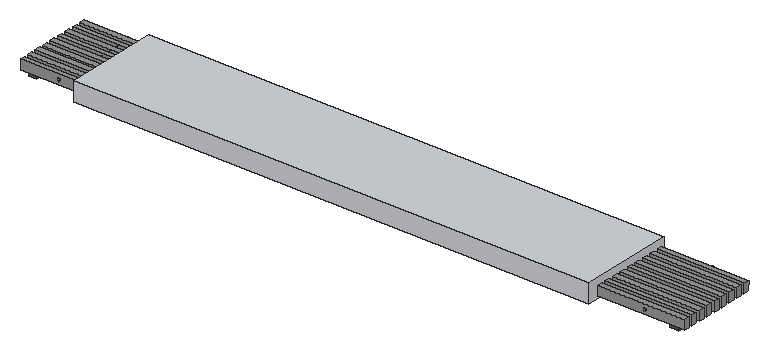
Revit family "1212-9, Veneer", category Generic Models, host Face, Revit 2020
Family settings
  Host = Face
  Can host rebar = No
  Round Connector Dimension = Use Diameter
  Part Type = Normal
  Cut with Voids When Loaded = No
  Shared = No
  Room Calculation Point = No
Parameters
  min_value [instance] = 1' - 11 1/4"  # constant formula
  max_value [instance] = 9' - 11 1/4"  # constant formula
  actual_value [instance] = if(NET LENGTH < min_value, min_value, if(NET LENGTH > max_value, max_value, NET LENGTH))  # 7' - 11 1/4"
  NET LENGTH [instance] = 7' - 11 1/4"
  IMPORTANT NOTE!!!                                                                             *Backer & dowel layout is for visualization purposes only, final layout to be determined by 9Wood. [instance] = ""
  Default Elevation = 4' - 0"
  DOWEL RADIUS [instance] = 0' - 0 1/4"  # constant formula
  BACKING M MATERIAL [instance] = BLACK-BACKERS
  .. MEMBER WIDTH [instance] = 0' - 0 3/4"  # constant formula
  .. MEMBER MATERIAL [instance] = Veneer Cherry
  .. MEMBER DEPTH [instance] = 0' - 1 3/8"  # constant formula
  .. MEMBER COUNT [instance] = 9  # constant formula
Reference planes (in)
  plane 1 "Center (Front/Back)": y = 0
  plane 2: z = 2.726
  plane 3 "Center (Left/Right)": x = 0
Forms (in)
  Extrusion 1, solid
    sketch origin (15, -0.86619, -0.99308) x (0, 1, 0) y (-1, 0, 0)
      loop
        line (3.42869, -23.66817) -> (3.42869, 50.25) -> (-10, 50.25) -> (-10, -23.66817) -> (3.42869, -23.66817)
    from 3.71908 to 1.00111
Dimensions and locks (in)
  aligned and locked: plane 2 to Extrusion 1
Nested families (in)
  nested 1: "1200 Series" at (-44, -2, 1.87867), NET LENGTH <- "actual_value", DOWEL RADII <- "DOWEL RADIUS", .. MEMBER WIDTH <- ".. MEMBER WIDTH", .. MEMBER DEPTH <- ".. MEMBER DEPTH", .. MEMBER MATERIAL <- ".. MEMBER MATERIAL", BACKING M MATERIAL <- "BACKING M MATERIAL", .. MEMBER COUNT <- ".. MEMBER COUNT", type "1200 Series"
    with X 7' - 4", WIDTH 1' - 0 1/16", Space 0' - 0 11/16", START 0' - 0 3/8", SCRIM MATERIAL SCRIM, SCRIM 3 8' - 1", SCRIM 2 0' - 0 7/8", SCRIM 1 0' - 0 3/32", SCRIM yes, NET LENGTH 7' - 11 1/4", N 8, INSET 3 0' - 0 3/16", INSET 0' - 1", INDEX 0' - 5 5/8", END BACKER yes, DOWEL RADII 0' - 0 1/4", DOWEL COUNT 8, BACKING M WIDTH 0' - 1 1/4", BACKING M MATERIAL BLACK-BACKERS, BACKING M LENGTH 0' - 11 7/8", BACKING M DEPTH 0' - 0 1/2", .. MEMBER WIDTH 0' - 0 3/4", .. MEMBER OC TYP 0' - 1.33333", .. MEMBER MATERIAL Veneer Cherry, .. MEMBER DEPTH 0' - 1 3/8", .. MEMBER COUNT 9
Definition of nested family "1200 Series"
  Parameters (values of type "1200 Series")
    X [instance] = NET LENGTH - (0' 3 5/8" * 2)  # 6' - 2"
    WIDTH [instance] = 1' - 0 1/16"
    Space [instance] = 0' - 0 11/16"  # constant formula
    START [instance] = .. MEMBER WIDTH / 2  # 0' - 0 3/8"
    SCRIM MATERIAL [instance] = none
    SCRIM 3 [instance] = NET LENGTH + (SCRIM 2 * 2)  # 6' - 11"
    SCRIM 2 [instance] = 0' - 0 7/8"
    SCRIM 1 [instance] = 0' - 0 3/32"
    SCRIM [instance] = yes
    NET LENGTH [instance] = 6' - 9 1/4"
    N [instance] = if((X - (rounddown(X / 1' 0") * 1' 0")) > 1' 0", rounddown(X / 1' 0") + 2, rounddown(X / 1' 0") + 1)  # 7
    INSET 3 [instance] = 0' - 0 3/16"
    INSET [instance] = 0' - 1"
    INDEX [instance] = (NET LENGTH - ((N - 1) * 1' 0")) / 2  # 0' - 4 5/8"
    END BACKER [instance] = yes
    Default Elevation = 0' - 0"
    DOWEL RADII [instance] = 0' - 0 1/4"
    DOWEL COUNT [instance] = N  # 7
    BACKING M WIDTH [instance] = 0' - 1 1/4"
    BACKING M MATERIAL [instance] = none
    BACKING M LENGTH [instance] = 0' - 11 7/8"
    BACKING M DEPTH [instance] = 0' - 0 1/2"
    .. MEMBER WIDTH [instance] = 0' - 0 3/4"
    .. MEMBER OC TYP [instance] = 1' 0" / .. MEMBER COUNT  # 0' - 3"
    .. MEMBER MATERIAL [instance] = none
    .. MEMBER DEPTH [instance] = 0' - 1 3/8"
    .. MEMBER COUNT [instance] = 4
  Reference planes (in)
    plane 1 "Center (Front/Back)": y = -7.5
    plane 2: z = 0
    plane 3 "Center (Left/Right)": x = 0
    plane 4: x = 1
    plane 5: x = 4.625
    plane 6: x = 81.25
    plane 7: x = 80.25
    plane 8: x = 16.625
    plane 9: y = -7.3125
    plane 10: y = -4.125
    plane 11: y = -7.125
    plane 12: y = 4.5625
    plane 13: y = -4.5
    plane 14: y = -7.59375
    plane 15: x = 82.125
    plane 16: y = 4.65625
    plane 17: x = -0.875
    plane 18: z = -1.375
    plane 19: z = -0.6875
  Lines and regions (in)
    model lines
      curve 1: line (4.375, -7.5, -0.6875) -> (4.875, -7.5, -0.6875)
    model lines, not visible
      curve 2: line (4.625, -7.5, -0.9375) -> (4.625, -7.5, -0.4375)
      curve 3: line (4.375, -7.5, -0.6875) -> (4.875, -7.5, -0.6875)
      curve 4: line (16.625, -7.5, -0.9375) -> (16.625, -7.5, -0.4375)
      curve 5: line (16.375, -7.5, -0.6875) -> (16.875, -7.5, -0.6875)
      curve 6: line (28.625, -7.5, -0.9375) -> (28.625, -7.5, -0.4375)
      curve 7: line (28.375, -7.5, -0.6875) -> (28.875, -7.5, -0.6875)
      curve 8: line (40.625, -7.5, -0.9375) -> (40.625, -7.5, -0.4375)
      curve 9: line (40.375, -7.5, -0.6875) -> (40.875, -7.5, -0.6875)
      curve 10: line (52.625, -7.5, -0.9375) -> (52.625, -7.5, -0.4375)
      curve 11: line (52.375, -7.5, -0.6875) -> (52.875, -7.5, -0.6875)
      curve 12: line (64.625, -7.5, -0.9375) -> (64.625, -7.5, -0.4375)
      curve 13: line (64.375, -7.5, -0.6875) -> (64.875, -7.5, -0.6875)
      curve 14: line (76.625, -7.5, -0.9375) -> (76.625, -7.5, -0.4375)
      curve 15: line (76.375, -7.5, -0.6875) -> (76.875, -7.5, -0.6875)
  Dimensions and locks (in)
    "NET LENGTH": plane 3 "Center (Left/Right)" to plane 6
    "INSET": plane 7 to plane 6
    "INDEX": plane 3 "Center (Left/Right)" to plane 5
    plane 5 to plane 8 = 1' - 0"
    "INSET 3": plane 1 "Center (Front/Back)" to plane 9
    equal spacing: group 1, group 2, group 3, group 4  (x3)
    "START": plane 11 to plane 1 "Center (Front/Back)"
    ".. MEMBER OC TYP": plane 10 to plane 11
    "WIDTH": plane 12 to plane 1 "Center (Front/Back)"
    "START": plane 10 to plane 13
    "SCRIM 1": plane 14 to plane 1 "Center (Front/Back)"
    "SCRIM 2": plane 6 to plane 15
    "SCRIM 1": plane 12 to plane 16
    "SCRIM 2": plane 17 to plane 3 "Center (Left/Right)"
    "INSET": plane 3 "Center (Left/Right)" to plane 4
    equal spacing: group 5, group 6, group 7, group 8, group 9, group 10, group 11  (x3)
    "Space": plane 19 to plane 18
    aligned and locked: level to plane 2
    aligned and locked: nested 1 to plane 4  (x2)
    aligned and locked: plane 7 to nested 2
    aligned and locked: plane 5 to nested 3
    aligned and locked: nested 1 to plane 9
    aligned and locked: plane 1 "Center (Front/Back)" to nested 4
    aligned and locked: plane 9 to nested 2
    aligned and locked: plane 13 to nested 5
    aligned and locked: nested 3 to plane 9
    aligned and locked: plane 18 to nested 1
    aligned and locked: plane 19 to nested 3
    aligned and locked: curve 1 to plane 19
    aligned and locked: plane 8 to curve 4
    aligned and locked: curve 5 to plane 19
    aligned and locked: nested 4 to plane 18
  Automatic sketch dimensions
    curve 1 to curve 1 = 0' - 0 1/2"
    curve 1 to plane 5 = 0' - 0 1/4"
    plane 5 to curve 1 = 0' - 0 1/4"
    curve 3 to curve 2 = 0' - 0 1/4"  (x2)
    curve 2 to curve 3 = 0' - 0 1/4"  (x2)
    curve 5 to curve 4 = 0' - 0 1/4"  (x2)
    curve 4 to curve 5 = 0' - 0 1/4"  (x2)
    curve 7 to curve 6 = 0' - 0 1/4"  (x2)
    curve 6 to curve 7 = 0' - 0 1/4"  (x2)
    curve 9 to curve 8 = 0' - 0 1/4"  (x2)
    curve 8 to curve 9 = 0' - 0 1/4"  (x2)
    curve 11 to curve 10 = 0' - 0 1/4"  (x2)
    curve 10 to curve 11 = 0' - 0 1/4"  (x2)
    curve 13 to curve 12 = 0' - 0 1/4"  (x2)
    curve 12 to curve 13 = 0' - 0 1/4"  (x2)
    curve 15 to curve 14 = 0' - 0 1/4"  (x2)
    curve 14 to curve 15 = 0' - 0 1/4"  (x2)
  Nested families (in)
    nested 1: "INSTANCE - 2ND -  EXTEND SIDE H CENTER W - Parametric Cube" at (1, -1.375, -1.375) x (0, -1, 0) z (0, 0, 1), Width <- "BACKING M LENGTH", Length <- "BACKING M WIDTH", Material <- "BACKING M MATERIAL", Height <- "BACKING M DEPTH", visible <- "END BACKER", type "INSTANCE - 2ND -  EXTEND SIDE H CENTER W - Parametric Cube"
      with Width 0' - 11 7/8", Material none, Length 0' - 1 1/4", Height 0' - 0 1/2"
    nested 2: "INSTANCE - 2ND -  EXTEND SIDE H CENTER W - Parametric Cube" at (80.25, -1.375, -1.375) x (0, -1, 0) z (0, 0, 1), Width <- "BACKING M LENGTH", Length <- "BACKING M WIDTH", Material <- "BACKING M MATERIAL", Height <- "BACKING M DEPTH", visible <- "END BACKER", type "INSTANCE - 2ND -  EXTEND SIDE H CENTER W - Parametric Cube"
      with Width 0' - 11 7/8", Material none, Length 0' - 1 1/4", Height 0' - 0 1/2"
    nested 3: "Family3" at (-5.375, -7.3125, -0.6875), DOWEL RADII <- "DOWEL RADII", BACKING MEM MATERIAL <- "BACKING M MATERIAL", type "Family3"
      with DOWEL RADII 0' - 0 1/4", DOWEL LENGTH 0' - 11 7/8", BACKING MEM MATERIAL none
    nested 4: "HOLED MEMBER" at (0, -18.75, 6.19404), DOWEL RADII <- "DOWEL RADII", .. MEMBER LENGTH <- "NET LENGTH", DOWEL COUNT <- "DOWEL COUNT", DEPTH <- ".. MEMBER DEPTH", .. MEMBER WIDTH <- ".. MEMBER WIDTH", Material <- ".. MEMBER MATERIAL", DOWEL INDEX <- "INDEX", Space 2 <- "Space", type "HOLED MEMBER"
      with Width 0' - 6", Space 2 0' - 0 11/16", Material none, Length 1' - 0", Height 0' - 10.43096", DOWEL RADII 0' - 0 1/4", DOWEL OC DIST 1' - 0", DOWEL INDEX 0' - 4 5/8", DOWEL COUNT 7, DEPTH 0' - 1 3/8", .. MEMBER WIDTH 0' - 0 3/4", .. MEMBER LENGTH 6' - 9 1/4"
    nested 5: "HOLED MEMBER" at (0, -15.75, 6.19404), DOWEL RADII <- "DOWEL RADII", .. MEMBER LENGTH <- "NET LENGTH", DOWEL COUNT <- "DOWEL COUNT", DEPTH <- ".. MEMBER DEPTH", .. MEMBER WIDTH <- ".. MEMBER WIDTH", Material <- ".. MEMBER MATERIAL", DOWEL INDEX <- "INDEX", Space 2 <- "Space", type "HOLED MEMBER"
      with Width 0' - 6", Space 2 0' - 0 11/16", Material none, Length 1' - 0", Height 0' - 10.43096", DOWEL RADII 0' - 0 1/4", DOWEL OC DIST 1' - 0", DOWEL INDEX 0' - 4 5/8", DOWEL COUNT 7, DEPTH 0' - 1 3/8", .. MEMBER WIDTH 0' - 0 3/4", .. MEMBER LENGTH 6' - 9 1/4"
    nested 6: "HOLED MEMBER" at (0, -12.75, 6.19404), DOWEL RADII <- "DOWEL RADII", .. MEMBER LENGTH <- "NET LENGTH", DOWEL COUNT <- "DOWEL COUNT", DEPTH <- ".. MEMBER DEPTH", .. MEMBER WIDTH <- ".. MEMBER WIDTH", Material <- ".. MEMBER MATERIAL", DOWEL INDEX <- "INDEX", Space 2 <- "Space", type "HOLED MEMBER"
      with Width 0' - 6", Space 2 0' - 0 11/16", Material none, Length 1' - 0", Height 0' - 10.43096", DOWEL RADII 0' - 0 1/4", DOWEL OC DIST 1' - 0", DOWEL INDEX 0' - 4 5/8", DOWEL COUNT 7, DEPTH 0' - 1 3/8", .. MEMBER WIDTH 0' - 0 3/4", .. MEMBER LENGTH 6' - 9 1/4"
    nested 7: "HOLED MEMBER" at (0, -9.75, 6.19404), DOWEL RADII <- "DOWEL RADII", .. MEMBER LENGTH <- "NET LENGTH", DOWEL COUNT <- "DOWEL COUNT", DEPTH <- ".. MEMBER DEPTH", .. MEMBER WIDTH <- ".. MEMBER WIDTH", Material <- ".. MEMBER MATERIAL", DOWEL INDEX <- "INDEX", Space 2 <- "Space", type "HOLED MEMBER"
      with Width 0' - 6", Space 2 0' - 0 11/16", Material none, Length 1' - 0", Height 0' - 10.43096", DOWEL RADII 0' - 0 1/4", DOWEL OC DIST 1' - 0", DOWEL INDEX 0' - 4 5/8", DOWEL COUNT 7, DEPTH 0' - 1 3/8", .. MEMBER WIDTH 0' - 0 3/4", .. MEMBER LENGTH 6' - 9 1/4"
    nested 8: "Family3" at (6.625, -7.3125, -0.6875), DOWEL RADII <- "DOWEL RADII", BACKING MEM MATERIAL <- "BACKING M MATERIAL", type "Family3"
      with DOWEL RADII 0' - 0 1/4", DOWEL LENGTH 0' - 11 7/8", BACKING MEM MATERIAL none
    nested 9: "Family3" at (18.625, -7.3125, -0.6875), DOWEL RADII <- "DOWEL RADII", BACKING MEM MATERIAL <- "BACKING M MATERIAL", type "Family3"
      with DOWEL RADII 0' - 0 1/4", DOWEL LENGTH 0' - 11 7/8", BACKING MEM MATERIAL none
    nested 10: "Family3" at (30.625, -7.3125, -0.6875), DOWEL RADII <- "DOWEL RADII", BACKING MEM MATERIAL <- "BACKING M MATERIAL", type "Family3"
      with DOWEL RADII 0' - 0 1/4", DOWEL LENGTH 0' - 11 7/8", BACKING MEM MATERIAL none
    nested 11: "Family3" at (42.625, -7.3125, -0.6875), DOWEL RADII <- "DOWEL RADII", BACKING MEM MATERIAL <- "BACKING M MATERIAL", type "Family3"
      with DOWEL RADII 0' - 0 1/4", DOWEL LENGTH 0' - 11 7/8", BACKING MEM MATERIAL none
    nested 12: "Family3" at (54.625, -7.3125, -0.6875), DOWEL RADII <- "DOWEL RADII", BACKING MEM MATERIAL <- "BACKING M MATERIAL", type "Family3"
      with DOWEL RADII 0' - 0 1/4", DOWEL LENGTH 0' - 11 7/8", BACKING MEM MATERIAL none
    nested 13: "Family3" at (66.625, -7.3125, -0.6875), DOWEL RADII <- "DOWEL RADII", BACKING MEM MATERIAL <- "BACKING M MATERIAL", type "Family3"
      with DOWEL RADII 0' - 0 1/4", DOWEL LENGTH 0' - 11 7/8", BACKING MEM MATERIAL none
  Definition of nested family "INSTANCE - 2ND -  EXTEND SIDE H CENTER W - Parametric Cube"
    Parameters (values of type "INSTANCE - 2ND -  EXTEND SIDE H CENTER W - Parametric Cube")
      Width [instance] = 0' - 6"
      Material [instance] = none
      Length [instance] = 1' - 0"
      Height [instance] = 1' - 6"
      Default Elevation = 0' - 0"
    Reference planes (in)
      plane 1 "Center (Front/Back)": y = 0
      plane 2: z = 0
      plane 3 "Center (Left/Right)": x = 0
      plane 4: x = -3
      plane 5: x = 3
      plane 6: y = 12
      plane 7: z = -18
    Forms (in)
      Extrusion 1, solid, material <- "Material"
        sketch origin (0, 6, 0) x (1, 0, 0) y (0, 1, 0)
          loop
            line (-3, 6) -> (-3, -6) -> (3, -6) -> (3, 6) -> (-3, 6)
        from -18 to 0
    Dimensions and locks (in)
      equal spacing: plane 4, plane 3 "Center (Left/Right)", plane 5
      "Width": plane 4 to plane 5
      "Height": plane 7 to level
      "Length": plane 1 "Center (Front/Back)" to plane 6
      aligned and locked: plane 2 to level
      aligned and locked: plane 4 to Extrusion 1 sketch curve
      aligned and locked: Extrusion 1 sketch curve to plane 5
      aligned and locked: Extrusion 1 to plane 7
      aligned and locked: plane 6 to Extrusion 1
    Automatic sketch dimensions
      plane 1 "Center (Front/Back)" to Extrusion 1 sketch curve = 0' - 0"
      plane 6 to Extrusion 1 sketch curve = 0' - 0"
  Definition of nested family "Family3"
    Parameters (values of type "Family3")
      Default Elevation = 0' - 0"
      DOWEL RADII [instance] = 0' - 0 5/8"
      DOWEL LENGTH [instance] = 0' - 5"
      BACKING MEM MATERIAL [instance] = none
    Reference planes (in)
      plane 1 "Center (Front/Back)": y = 0
      plane 2: z = 0
      plane 3 "Center (Left/Right)": x = 0
      plane 4: y = 5
    Forms (in)
      Extrusion 1, solid, material <- "BACKING MEM MATERIAL"
        sketch origin (10, 0, 0) x (1, 0, 0) y (0, 0, 1)
          loop
            circle (0, 0) r 0.625
        from 0 to -5
      Extrusion 2, solid, not visible
        sketch origin (0, 0, 0) x (1, 0, 0) y (0, 0, 1)
          loop
            circle (0, 0) r 0.625
        from 0 to 12
      Extrusion 3, solid, not visible
        sketch origin (10, 0, 0) x (1, 0, 0) y (0, 0, 1)
          loop
            circle (0, 0) r 0.625
        from 0 to 2.5
      Extrusion 4, solid, not visible
        sketch origin (10, 0, 0) x (1, 0, 0) y (0, 0, 1)
          loop
            circle (0, 0) r 0.625
        from 0 to -12
    Lines and regions (in)
      model lines, not visible
        curve 1: line (-13, 0, 0) -> (-13, -12, 0)
        curve 2: line (13, 0, 0) -> (13, -12, 0)
        curve 3: line (9.89453, 0, 0) -> (10.08794, 0, 0)
        curve 4: line (9.89453, -2.5, 0) -> (10.08794, -2.5, 0)
        curve 6: line (10, 0, 0) -> (10, 2, 0)
      model lines
        curve 5: line (10, 0, 0) -> (10, 2, 0)
    Dimensions and locks (in)
      "DOWEL LENGTH": plane 1 "Center (Front/Back)" to plane 4
      "DOWEL RADII": radius of Extrusion 1 sketch curve
      "DOWEL RADII": radius of Extrusion 2 sketch curve
      "DOWEL RADII": radius of Extrusion 3 sketch curve
      "DOWEL RADII": radius of Extrusion 4 sketch curve
      "DOWEL RADII": radius of Extrusion 1
      aligned and locked: plane 2 to level
      aligned and locked: Extrusion 1 to plane 1 "Center (Front/Back)"  (x3)
      aligned and locked: plane 1 "Center (Front/Back)" to Extrusion 1
      aligned and locked: plane 4 to Extrusion 1
    Automatic sketch dimensions
      plane 1 "Center (Front/Back)" to curve 5 = 0' - 0"
      curve 5 to plane 1 "Center (Front/Back)" = 0' - 2"
      plane 3 "Center (Left/Right)" to curve 5 = 0' - 10"
      Extrusion 1 sketch curve to level = 0' - 0"
      plane 3 "Center (Left/Right)" to Extrusion 1 sketch curve = 0' - 10"
  Definition of nested family "HOLED MEMBER"
    Parameters (values of type "HOLED MEMBER")
      Width [instance] = 0' - 6"
      Space 2 [instance] = 0' - 0 5/8"
      Space = 0' - 0 5/8"
      Material [instance] = none
      Length [instance] = 1' - 0"
      Height [instance] = 0' - 10.43096"
      Default Elevation = 0' - 0"
      DOWEL RADII [instance] = 0' - 0.34537"
      DOWEL OC DIST [instance] = 1' - 0"
      DOWEL INSET = 0' - 0 5/8"
      DOWEL INDEX [instance] = 0' - 5 5/8"
      DOWEL COUNT [instance] = 6
      DEPTH [instance] = 0' - 2"
      .. MEMBER WIDTH [instance] = 0' - 0 5/8"
      .. MEMBER LENGTH [instance] = 5' - 11 3/4"
    Reference planes (in)
      plane 1 "Center (Front/Back)": y = 12
      plane 2: z = -7.56904
      plane 3 "Center (Left/Right)": x = 0
      plane 4: x = 5.625
      plane 5: x = 17.625
      plane 6: y = 11.375
      plane 7: x = 71.75
      plane 8: z = -6.94404
      plane 9: z = -5.56904
    Forms (in)
      Extrusion 1, solid, material <- "Material"
        sketch origin (0, 12, -13.56904) x (1, 0, 0) y (0, 0, 1)
          loop
            line (0, 6) -> (71.75, 6) -> (71.75, 8) -> (0, 8) -> (0, 6)
        from 0.625 to 0
      Extrusion 2, void
        sketch origin (0, 12, -18.31904) x (1, 0, 0) y (0, 0, 1)
          loop
            circle (5.625, 11.375) r 0.34537
        from 0 to 12
      Extrusion 3, void, not visible
        sketch origin (0, 1.25, 0) x (1, 0, 0) y (0, 1, 0)
          loop
            circle (5.625, 11.375) r 0.34537
        from 0 to 12
      Extrusion 4, void, not visible
        sketch origin (0, 1.25, 0) x (1, 0, 0) y (0, 1, 0)
          loop
            circle (5.625, 11.375) r 0.34537
        from 0 to 12
      Extrusion 5, void, not visible
        sketch origin (12, 1.25, 0) x (1, 0, 0) y (0, 1, 0)
          loop
            circle (5.625, 11.375) r 0.34537
        from 0 to 12
      Extrusion 6, void, not visible
        sketch origin (0, 12, -16.31904) x (1, 0, 0) y (0, 0, 1)
          loop
            circle (5.625, 11.375) r 0.34537
        from 0 to 12
      Extrusion 7, void, not visible
        sketch origin (12, 12, -16.31904) x (1, 0, 0) y (0, 0, 1)
          loop
            circle (5.625, 11.375) r 0.34537
        from 0 to 12
      Extrusion 8, void, not visible
        sketch origin (0, 12, -18.31904) x (1, 0, 0) y (0, 0, 1)
          loop
            circle (5.625, 11.375) r 0.34537
        from 0 to 12
      Extrusion 9, void
        sketch origin (12, 12, -18.31904) x (1, 0, 0) y (0, 0, 1)
          loop
            circle (5.625, 11.375) r 0.34537
        from 0 to 12
      Extrusion 10, void, not visible
        sketch origin (24, 12, -16.31904) x (1, 0, 0) y (0, 0, 1)
          loop
            circle (5.625, 11.375) r 0.34537
        from 0 to 12
      Extrusion 11, void, not visible
        sketch origin (36, 12, -16.31904) x (1, 0, 0) y (0, 0, 1)
          loop
            circle (5.625, 11.375) r 0.34537
        from 0 to 12
      Extrusion 12, void, not visible
        sketch origin (48, 12, -16.31904) x (1, 0, 0) y (0, 0, 1)
          loop
            circle (5.625, 11.375) r 0.34537
        from 0 to 12
      Extrusion 13, void, not visible
        sketch origin (60, 12, -16.31904) x (1, 0, 0) y (0, 0, 1)
          loop
            circle (5.625, 11.375) r 0.34537
        from 0 to 12
      Extrusion 14, void, not visible
        sketch origin (24, 1.25, 0) x (1, 0, 0) y (0, 1, 0)
          loop
            circle (5.625, 11.375) r 0.34537
        from 0 to 12
      Extrusion 15, void, not visible
        sketch origin (36, 1.25, 0) x (1, 0, 0) y (0, 1, 0)
          loop
            circle (5.625, 11.375) r 0.34537
        from 0 to 12
      Extrusion 16, void, not visible
        sketch origin (48, 1.25, 0) x (1, 0, 0) y (0, 1, 0)
          loop
            circle (5.625, 11.375) r 0.34537
        from 0 to 12
      Extrusion 17, void, not visible
        sketch origin (60, 1.25, 0) x (1, 0, 0) y (0, 1, 0)
          loop
            circle (5.625, 11.375) r 0.34537
        from 0 to 12
      Extrusion 18, void
        sketch origin (24, 12, -18.31904) x (1, 0, 0) y (0, 0, 1)
          loop
            circle (5.625, 11.375) r 0.34537
        from 0 to 12
      Extrusion 19, void
        sketch origin (36, 12, -18.31904) x (1, 0, 0) y (0, 0, 1)
          loop
            circle (5.625, 11.375) r 0.34537
        from 0 to 12
      Extrusion 20, void
        sketch origin (48, 12, -18.31904) x (1, 0, 0) y (0, 0, 1)
          loop
            circle (5.625, 11.375) r 0.34537
        from 0 to 12
      Extrusion 21, void
        sketch origin (60, 12, -18.31904) x (1, 0, 0) y (0, 0, 1)
          loop
            circle (5.625, 11.375) r 0.34537
        from 0 to 12
    Cuts and joins
      Extrusion 2, Extrusion 9, Extrusion 18, Extrusion 19, Extrusion 20, Extrusion 21 cuts Extrusion 1
    Lines and regions (in)
      model lines, not visible
        curve 1: line (5.625, 11.72037, 0) -> (5.625, 11.02963, 0)
        curve 2: line (5.625, 11.72037, 0) -> (5.625, 11.02963, 0)
        curve 3: line (17.625, 11.72037, 0) -> (17.625, 11.02963, 0)
        curve 4: line (5.625, 12, -7.56904) -> (5.625, 11.87317, -7.56904)
        curve 5: line (5.625, 11.87317, -7.56904) -> (5.06195, 11.87317, -7.56904)
        curve 6: line (5.06195, 11.87317, -7.56904) -> (5.27963, 11.375, -7.56904)
        curve 7: line (0, 12, -6.19404) -> (0, 11.61951, -6.19404)
        curve 8: line (0, 11.375, -8.19404) -> (0, 11.6747, -8.19404)
        curve 9: line (5.625, 12, -7.56904) -> (5.625, 11.69863, -7.56904)
        curve 11: line (5.625, 12, 0) -> (5.625, 12, 0.30137)
        curve 12: line (5.625, 12, 0) -> (5.625, 12, 0.30137)
        curve 13: line (17.625, 12, 0) -> (17.625, 12, 0.30137)
        curve 14: line (5.625, 12, -5.56904) -> (5.625, 11.69863, -5.56904)
        curve 15: line (17.625, 12, -5.56904) -> (17.625, 11.69863, -5.56904)
        curve 16: line (5.625, 12, -7.56904) -> (5.625, 11.69863, -7.56904)
        curve 18: line (29.625, 12, -5.56904) -> (29.625, 11.69863, -5.56904)
        curve 19: line (41.625, 12, -5.56904) -> (41.625, 11.69863, -5.56904)
        curve 20: line (53.625, 12, -5.56904) -> (53.625, 11.69863, -5.56904)
        curve 21: line (65.625, 12, -5.56904) -> (65.625, 11.69863, -5.56904)
        curve 22: line (29.625, 11.72037, 0) -> (29.625, 11.02963, 0)
        curve 23: line (29.625, 12, 0) -> (29.625, 12, 0.30137)
        curve 24: line (41.625, 11.72037, 0) -> (41.625, 11.02963, 0)
        curve 25: line (41.625, 12, 0) -> (41.625, 12, 0.30137)
        curve 26: line (53.625, 11.72037, 0) -> (53.625, 11.02963, 0)
        curve 27: line (53.625, 12, 0) -> (53.625, 12, 0.30137)
        curve 28: line (65.625, 11.72037, 0) -> (65.625, 11.02963, 0)
        curve 29: line (65.625, 12, 0) -> (65.625, 12, 0.30137)
        curve 35: line (5.27963, 12.625, 0) -> (5.97037, 12.625, 0)
        curve 36: line (5.27963, 12.625, 0) -> (5.97037, 12.625, 0)
        curve 37: line (17.27963, 12.625, 0) -> (17.97037, 12.625, 0)
        curve 38: line (5.27963, 12, -4.94404) -> (5.97037, 12, -4.94404)
        curve 39: line (17.27963, 12, -4.94404) -> (17.97037, 12, -4.94404)
        curve 40: line (5.27963, 12, -6.94404) -> (5.97037, 12, -6.94404)
        curve 42: line (29.27963, 12, -4.94404) -> (29.97037, 12, -4.94404)
        curve 43: line (41.27963, 12, -4.94404) -> (41.97037, 12, -4.94404)
        curve 44: line (53.27963, 12, -4.94404) -> (53.97037, 12, -4.94404)
        curve 45: line (65.27963, 12, -4.94404) -> (65.97037, 12, -4.94404)
        curve 46: line (29.27963, 12.625, 0) -> (29.97037, 12.625, 0)
        curve 47: line (41.27963, 12.625, 0) -> (41.97037, 12.625, 0)
        curve 48: line (53.27963, 12.625, 0) -> (53.97037, 12.625, 0)
        curve 49: line (65.27963, 12.625, 0) -> (65.97037, 12.625, 0)
        curve 54: line (0, 12, -6.94404) -> (0, 4.22059, -6.94404)
        curve 55: line (0, 12.625, 0) -> (0, 12.625, 7.77941)
        curve 56: line (0, 12.625, 0) -> (0, 12.625, 7.77941)
        curve 57: line (12, 12.625, 0) -> (12, 12.625, 7.77941)
        curve 58: line (0, 12, -4.94404) -> (0, 4.22059, -4.94404)
        curve 59: line (12, 12, -4.94404) -> (12, 4.22059, -4.94404)
        curve 60: line (0, 12, -6.94404) -> (0, 4.22059, -6.94404)
        curve 61: line (12, 12, -6.94404) -> (12, 4.22059, -6.94404)
        curve 62: line (24, 12, -4.94404) -> (24, 4.22059, -4.94404)
        curve 63: line (36, 12, -4.94404) -> (36, 4.22059, -4.94404)
        curve 64: line (48, 12, -4.94404) -> (48, 4.22059, -4.94404)
        curve 65: line (60, 12, -4.94404) -> (60, 4.22059, -4.94404)
        curve 66: line (24, 12.625, 0) -> (24, 12.625, 7.77941)
        curve 67: line (36, 12.625, 0) -> (36, 12.625, 7.77941)
        curve 68: line (48, 12.625, 0) -> (48, 12.625, 7.77941)
        curve 69: line (60, 12.625, 0) -> (60, 12.625, 7.77941)
        curve 70: line (24, 12, -6.94404) -> (24, 4.22059, -6.94404)
        curve 71: line (36, 12, -6.94404) -> (36, 4.22059, -6.94404)
        curve 72: line (48, 12, -6.94404) -> (48, 4.22059, -6.94404)
        curve 73: line (60, 12, -6.94404) -> (60, 4.22059, -6.94404)
      model lines
        curve 10: line (5.625, 12, -7.56904) -> (5.625, 11.69863, -7.56904)
        curve 17: line (17.625, 12, -7.56904) -> (17.625, 11.69863, -7.56904)
        curve 30: line (29.625, 12, -7.56904) -> (29.625, 11.69863, -7.56904)
        curve 31: line (41.625, 12, -7.56904) -> (41.625, 11.69863, -7.56904)
        curve 32: line (53.625, 12, -7.56904) -> (53.625, 11.69863, -7.56904)
        curve 33: line (65.625, 12, -7.56904) -> (65.625, 11.69863, -7.56904)
        curve 34: line (5.27963, 12, -6.94404) -> (5.97037, 12, -6.94404)
        curve 41: line (17.27963, 12, -6.94404) -> (17.97037, 12, -6.94404)
        curve 50: line (29.27963, 12, -6.94404) -> (29.97037, 12, -6.94404)
        curve 51: line (41.27963, 12, -6.94404) -> (41.97037, 12, -6.94404)
        curve 52: line (53.27963, 12, -6.94404) -> (53.97037, 12, -6.94404)
        curve 53: line (65.27963, 12, -6.94404) -> (65.97037, 12, -6.94404)
    Dimensions and locks (in)
      "DOWEL INDEX": plane 3 "Center (Left/Right)" to plane 4
      "DOWEL OC DIST": plane 4 to plane 5
      ".. MEMBER LENGTH": plane 3 "Center (Left/Right)" to plane 7
      equal spacing: group 3, group 4, group 17, group 18, group 19, group 20  (x3)
      equal spacing: group 7, group 8, group 13, group 14, group 15, group 16  (x3)
      equal spacing: group 1, group 12, group 21, group 22, group 23, group 24  (x3)
      ".. MEMBER WIDTH": plane 6 to plane 1 "Center (Front/Back)"
      "DEPTH": plane 9 to level
      "Space 2": plane 8 to level
      "DOWEL RADII": radius of Extrusion 2 sketch curve
      "DOWEL RADII": radius of Extrusion 3 sketch curve
      "DOWEL RADII": radius of Extrusion 4 sketch curve
      "DOWEL RADII": radius of Extrusion 5 sketch curve
      "DOWEL RADII": radius of Extrusion 6 sketch curve
      "DOWEL RADII": radius of Extrusion 7 sketch curve
      "DOWEL RADII": radius of Extrusion 8 sketch curve
      "DOWEL RADII": radius of Extrusion 9 sketch curve
      "DOWEL RADII": radius of Extrusion 10 sketch curve
      "DOWEL RADII": radius of Extrusion 11 sketch curve
      "DOWEL RADII": radius of Extrusion 12 sketch curve
      "DOWEL RADII": radius of Extrusion 13 sketch curve
      "DOWEL RADII": radius of Extrusion 14 sketch curve
      "DOWEL RADII": radius of Extrusion 15 sketch curve
      "DOWEL RADII": radius of Extrusion 16 sketch curve
      "DOWEL RADII": radius of Extrusion 17 sketch curve
      "DOWEL RADII": radius of Extrusion 18 sketch curve
      "DOWEL RADII": radius of Extrusion 19 sketch curve
      "DOWEL RADII": radius of Extrusion 20 sketch curve
      "DOWEL RADII": radius of Extrusion 21 sketch curve
      aligned and locked: level to plane 2
      aligned and locked: Extrusion 1 to plane 3 "Center (Left/Right)"  (x2)
      aligned and locked: plane 7 to cut or joined group of Extrusion 1, Extrusion 2, Extrusion 9, Extrusion 18, Extrusion 19, Extrusion 20, Extrusion 21  (x2)
      aligned and locked: cut or joined group of Extrusion 1, Extrusion 2, Extrusion 9, Extrusion 18, Extrusion 19, Extrusion 20, Extrusion 21 to plane 1 "Center (Front/Back)"  (x2)
      aligned and locked: cut or joined group of Extrusion 1, Extrusion 2, Extrusion 9, Extrusion 18, Extrusion 19, Extrusion 20, Extrusion 21 to plane 6  (x2)
      aligned and locked: plane 4 to curve 10
      aligned and locked: plane 5 to curve 17
      aligned and locked: plane 9 to cut or joined group of Extrusion 1, Extrusion 2, Extrusion 9, Extrusion 18, Extrusion 19, Extrusion 20, Extrusion 21  (x2)
      aligned and locked: cut or joined group of Extrusion 1, Extrusion 2, Extrusion 9, Extrusion 18, Extrusion 19, Extrusion 20, Extrusion 21 to level
      aligned and locked: plane 8 to Extrusion 2
      aligned and locked: curve 34 to plane 8
      aligned and locked: curve 41 to plane 8
      aligned and locked: level to curve 10
      aligned and locked: curve 10 to level
      aligned and locked: plane 8 to cut or joined group of Extrusion 1, Extrusion 2, Extrusion 9, Extrusion 18, Extrusion 19, Extrusion 20, Extrusion 21
      aligned and locked: curve 54 to plane 8
    Automatic sketch dimensions
      curve 1 to curve 1 = 0' - 0.69074"
      curve 2 to curve 2 = 0' - 0.69074"
      curve 3 to curve 3 = 0' - 0.69074"
      Extrusion 1 sketch curve to plane 3 "Center (Left/Right)" = 0' - 0"
      Extrusion 1 sketch curve to plane 7 = 0' - 0"
      Extrusion 1 sketch curve to Extrusion 1 sketch curve = 0' - 2"
      level to Extrusion 1 sketch curve = 0' - 0"
      curve 9 to curve 9 = 0' - 0.30137"
      curve 10 to curve 10 = 0' - 0.30137"
      curve 11 to curve 11 = 0' - 0.30137"
      curve 12 to curve 12 = 0' - 0.30137"
      curve 13 to curve 13 = 0' - 0.30137"
      curve 14 to curve 14 = 0' - 0.30137"
      curve 15 to curve 15 = 0' - 0.30137"
      curve 16 to curve 16 = 0' - 0.30137"
      curve 17 to curve 17 = 0' - 0.30137"
      curve 18 to curve 18 = 0' - 0.30137"
      curve 19 to curve 19 = 0' - 0.30137"
      curve 20 to curve 20 = 0' - 0.30137"
      curve 21 to curve 21 = 0' - 0.30137"
      curve 22 to curve 22 = 0' - 0.69074"
      curve 23 to curve 23 = 0' - 0.30137"
      curve 24 to curve 24 = 0' - 0.69074"
      curve 25 to curve 25 = 0' - 0.30137"
      curve 26 to curve 26 = 0' - 0.69074"
      curve 27 to curve 27 = 0' - 0.30137"
      curve 28 to curve 28 = 0' - 0.69074"
      curve 29 to curve 29 = 0' - 0.30137"
      curve 30 to curve 30 = 0' - 0.30137"
      curve 31 to curve 31 = 0' - 0.30137"
      curve 32 to curve 32 = 0' - 0.30137"
      curve 33 to curve 33 = 0' - 0.30137"
      curve 34 to curve 34 = 0' - 0.69074"
      curve 35 to curve 35 = 0' - 0.69074"
      curve 36 to curve 36 = 0' - 0.69074"
      curve 37 to curve 37 = 0' - 0.69074"
      curve 38 to curve 38 = 0' - 0.69074"
      curve 39 to curve 39 = 0' - 0.69074"
      curve 40 to curve 40 = 0' - 0.69074"
      curve 41 to curve 41 = 0' - 0.69074"
      curve 42 to curve 42 = 0' - 0.69074"
      curve 43 to curve 43 = 0' - 0.69074"
      curve 44 to curve 44 = 0' - 0.69074"
      curve 45 to curve 45 = 0' - 0.69074"
      curve 46 to curve 46 = 0' - 0.69074"
      curve 47 to curve 47 = 0' - 0.69074"
      curve 48 to curve 48 = 0' - 0.69074"
      curve 49 to curve 49 = 0' - 0.69074"
      curve 50 to curve 50 = 0' - 0.69074"
      curve 51 to curve 51 = 0' - 0.69074"
      curve 52 to curve 52 = 0' - 0.69074"
      curve 53 to curve 53 = 0' - 0.69074"
      curve 54 to curve 54 = 0' - 7.77941"
      curve 55 to curve 55 = 0' - 7.77941"
      curve 56 to curve 56 = 0' - 7.77941"
      curve 57 to curve 57 = 0' - 7.77941"
      curve 58 to curve 58 = 0' - 7.77941"
      curve 59 to curve 59 = 0' - 7.77941"
      curve 60 to curve 60 = 0' - 7.77941"
      curve 61 to curve 61 = 0' - 7.77941"
      curve 62 to curve 62 = 0' - 7.77941"
      curve 63 to curve 63 = 0' - 7.77941"
      curve 64 to curve 64 = 0' - 7.77941"
      curve 65 to curve 65 = 0' - 7.77941"
      curve 66 to curve 66 = 0' - 7.77941"
      curve 67 to curve 67 = 0' - 7.77941"
      curve 68 to curve 68 = 0' - 7.77941"
      curve 69 to curve 69 = 0' - 7.77941"
      curve 70 to curve 70 = 0' - 7.77941"
      curve 71 to curve 71 = 0' - 7.77941"
      curve 72 to curve 72 = 0' - 7.77941"
      curve 73 to curve 73 = 0' - 7.77941"
